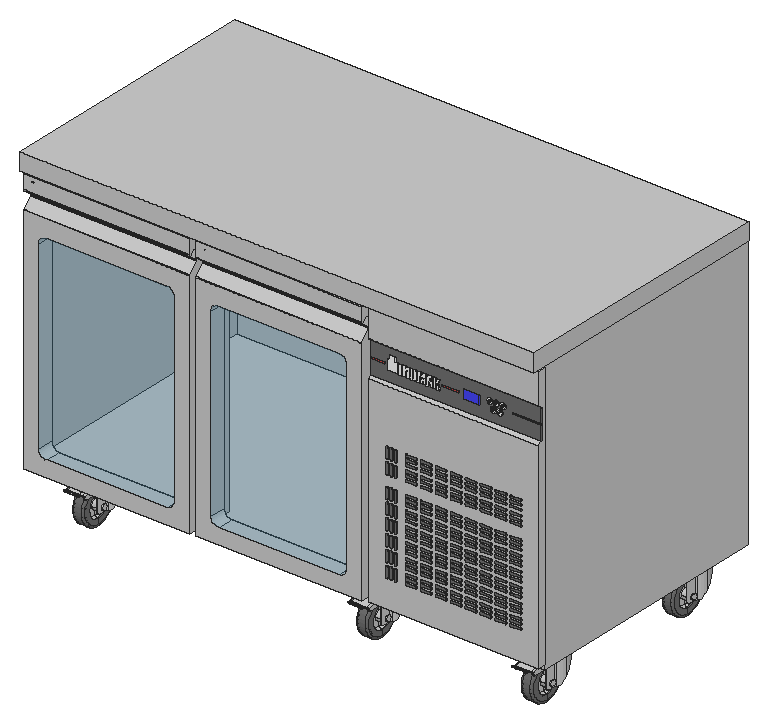
Revit family "QF_INOMAK_PNRP99_GL_250528080251", category Specialty Equipment, Revit 2021 (continued)
Definition of nested family "QF_INOMAK_PNRP99-GL_2920"
  Definition of nested family "QF_INOMAK_CONRTOL-PANEL"
    Forms (mm)
      Extrusion 1, solid
        sketch origin (-2240, -700, 0) x (-1, 0, 0) y (0, 0, 1)
          loop
            arc (-2191.4, 184.855) -> (-2194.4, 181.855) -> (-2191.4, 178.855) r 3
            line (-2191.4, 178.855) -> (-2167.4, 178.855)
            arc (-2167.4, 178.855) -> (-2164.4, 181.855) -> (-2167.4, 184.855) r 3
            line (-2167.4, 184.855) -> (-2191.4, 184.855)
          loop
            arc (-2152.4, 184.855) -> (-2155.4, 181.855) -> (-2152.4, 178.855) r 3
            line (-2152.4, 178.855) -> (-2128.4, 178.855)
            arc (-2128.4, 178.855) -> (-2125.4, 181.855) -> (-2128.4, 184.855) r 3
            line (-2128.4, 184.855) -> (-2152.4, 184.855)
          loop
            arc (-2113.4, 184.855) -> (-2116.4, 181.855) -> (-2113.4, 178.855) r 3
            line (-2113.4, 178.855) -> (-2089.4, 178.855)
            arc (-2089.4, 178.855) -> (-2086.4, 181.855) -> (-2089.4, 184.855) r 3
            line (-2089.4, 184.855) -> (-2113.4, 184.855)
          loop
            arc (-2074.4, 184.855) -> (-2077.4, 181.855) -> (-2074.4, 178.855) r 3
            line (-2074.4, 178.855) -> (-2050.4, 178.855)
            arc (-2050.4, 178.855) -> (-2047.4, 181.855) -> (-2050.4, 184.855) r 3
            line (-2050.4, 184.855) -> (-2074.4, 184.855)
          loop
            arc (-2035.4, 184.855) -> (-2038.4, 181.855) -> (-2035.4, 178.855) r 3
            line (-2035.4, 178.855) -> (-2011.4, 178.855)
            arc (-2011.4, 178.855) -> (-2008.4, 181.855) -> (-2011.4, 184.855) r 3
            line (-2011.4, 184.855) -> (-2035.4, 184.855)
          loop
            arc (-1996.4, 184.855) -> (-1999.4, 181.855) -> (-1996.4, 178.855) r 3
            line (-1996.4, 178.855) -> (-1972.4, 178.855)
            arc (-1972.4, 178.855) -> (-1969.4, 181.855) -> (-1972.4, 184.855) r 3
            line (-1972.4, 184.855) -> (-1996.4, 184.855)
          loop
            arc (-1957.4, 184.855) -> (-1960.4, 181.855) -> (-1957.4, 178.855) r 3
            line (-1957.4, 178.855) -> (-1933.4, 178.855)
            arc (-1933.4, 178.855) -> (-1930.4, 181.855) -> (-1933.4, 184.855) r 3
            line (-1933.4, 184.855) -> (-1957.4, 184.855)
          loop
            arc (-1918.4, 184.855) -> (-1921.4, 181.855) -> (-1918.4, 178.855) r 3
            line (-1918.4, 178.855) -> (-1894.4, 178.855)
            arc (-1894.4, 178.855) -> (-1891.4, 181.855) -> (-1894.4, 184.855) r 3
            line (-1894.4, 184.855) -> (-1918.4, 184.855)
          loop
            arc (-2191.4, 173.855) -> (-2194.4, 170.855) -> (-2191.4, 167.855) r 3
            line (-2191.4, 167.855) -> (-2167.4, 167.855)
            arc (-2167.4, 167.855) -> (-2164.4, 170.855) -> (-2167.4, 173.855) r 3
            line (-2167.4, 173.855) -> (-2191.4, 173.855)
          loop
            arc (-2152.4, 173.855) -> (-2155.4, 170.855) -> (-2152.4, 167.855) r 3
            line (-2152.4, 167.855) -> (-2128.4, 167.855)
            arc (-2128.4, 167.855) -> (-2125.4, 170.855) -> (-2128.4, 173.855) r 3
            line (-2128.4, 173.855) -> (-2152.4, 173.855)
          loop
            arc (-2113.4, 173.855) -> (-2116.4, 170.855) -> (-2113.4, 167.855) r 3
            line (-2113.4, 167.855) -> (-2089.4, 167.855)
            arc (-2089.4, 167.855) -> (-2086.4, 170.855) -> (-2089.4, 173.855) r 3
            line (-2089.4, 173.855) -> (-2113.4, 173.855)
          loop
            arc (-2074.4, 173.855) -> (-2077.4, 170.855) -> (-2074.4, 167.855) r 3
            line (-2074.4, 167.855) -> (-2050.4, 167.855)
            arc (-2050.4, 167.855) -> (-2047.4, 170.855) -> (-2050.4, 173.855) r 3
            line (-2050.4, 173.855) -> (-2074.4, 173.855)
          loop
            arc (-2035.4, 173.855) -> (-2038.4, 170.855) -> (-2035.4, 167.855) r 3
            line (-2035.4, 167.855) -> (-2011.4, 167.855)
            arc (-2011.4, 167.855) -> (-2008.4, 170.855) -> (-2011.4, 173.855) r 3
            line (-2011.4, 173.855) -> (-2035.4, 173.855)
          loop
            arc (-1996.4, 173.855) -> (-1999.4, 170.855) -> (-1996.4, 167.855) r 3
            line (-1996.4, 167.855) -> (-1972.4, 167.855)
            arc (-1972.4, 167.855) -> (-1969.4, 170.855) -> (-1972.4, 173.855) r 3
            line (-1972.4, 173.855) -> (-1996.4, 173.855)
          loop
            arc (-1957.4, 173.855) -> (-1960.4, 170.855) -> (-1957.4, 167.855) r 3
            line (-1957.4, 167.855) -> (-1933.4, 167.855)
            arc (-1933.4, 167.855) -> (-1930.4, 170.855) -> (-1933.4, 173.855) r 3
            line (-1933.4, 173.855) -> (-1957.4, 173.855)
          loop
            arc (-1918.4, 173.855) -> (-1921.4, 170.855) -> (-1918.4, 167.855) r 3
            line (-1918.4, 167.855) -> (-1894.4, 167.855)
            arc (-1894.4, 167.855) -> (-1891.4, 170.855) -> (-1894.4, 173.855) r 3
            line (-1894.4, 173.855) -> (-1918.4, 173.855)
          loop
            arc (-2191.4, 162.855) -> (-2194.4, 159.855) -> (-2191.4, 156.855) r 3
            line (-2191.4, 156.855) -> (-2167.4, 156.855)
            arc (-2167.4, 156.855) -> (-2164.4, 159.855) -> (-2167.4, 162.855) r 3
            line (-2167.4, 162.855) -> (-2191.4, 162.855)
          loop
            arc (-2152.4, 162.855) -> (-2155.4, 159.855) -> (-2152.4, 156.855) r 3
            line (-2152.4, 156.855) -> (-2128.4, 156.855)
            arc (-2128.4, 156.855) -> (-2125.4, 159.855) -> (-2128.4, 162.855) r 3
            line (-2128.4, 162.855) -> (-2152.4, 162.855)
          loop
            arc (-2113.4, 162.855) -> (-2116.4, 159.855) -> (-2113.4, 156.855) r 3
            line (-2113.4, 156.855) -> (-2089.4, 156.855)
            arc (-2089.4, 156.855) -> (-2086.4, 159.855) -> (-2089.4, 162.855) r 3
            line (-2089.4, 162.855) -> (-2113.4, 162.855)
          loop
            arc (-2074.4, 162.855) -> (-2077.4, 159.855) -> (-2074.4, 156.855) r 3
            line (-2074.4, 156.855) -> (-2050.4, 156.855)
            arc (-2050.4, 156.855) -> (-2047.4, 159.855) -> (-2050.4, 162.855) r 3
            line (-2050.4, 162.855) -> (-2074.4, 162.855)
          loop
            arc (-2035.4, 162.855) -> (-2038.4, 159.855) -> (-2035.4, 156.855) r 3
            line (-2035.4, 156.855) -> (-2011.4, 156.855)
            arc (-2011.4, 156.855) -> (-2008.4, 159.855) -> (-2011.4, 162.855) r 3
            line (-2011.4, 162.855) -> (-2035.4, 162.855)
          loop
            arc (-1996.4, 162.855) -> (-1999.4, 159.855) -> (-1996.4, 156.855) r 3
            line (-1996.4, 156.855) -> (-1972.4, 156.855)
            arc (-1972.4, 156.855) -> (-1969.4, 159.855) -> (-1972.4, 162.855) r 3
            line (-1972.4, 162.855) -> (-1996.4, 162.855)
          loop
            arc (-1957.4, 162.855) -> (-1960.4, 159.855) -> (-1957.4, 156.855) r 3
            line (-1957.4, 156.855) -> (-1933.4, 156.855)
            arc (-1933.4, 156.855) -> (-1930.4, 159.855) -> (-1933.4, 162.855) r 3
            line (-1933.4, 162.855) -> (-1957.4, 162.855)
          loop
            arc (-1918.4, 162.855) -> (-1921.4, 159.855) -> (-1918.4, 156.855) r 3
            line (-1918.4, 156.855) -> (-1894.4, 156.855)
            arc (-1894.4, 156.855) -> (-1891.4, 159.855) -> (-1894.4, 162.855) r 3
            line (-1894.4, 162.855) -> (-1918.4, 162.855)
          loop
            arc (-2191.4, 147.855) -> (-2194.4, 144.855) -> (-2191.4, 141.855) r 3
            line (-2191.4, 141.855) -> (-2167.4, 141.855)
            arc (-2167.4, 141.855) -> (-2164.4, 144.855) -> (-2167.4, 147.855) r 3
            line (-2167.4, 147.855) -> (-2191.4, 147.855)
          loop
            arc (-2152.4, 147.855) -> (-2155.4, 144.855) -> (-2152.4, 141.855) r 3
            line (-2152.4, 141.855) -> (-2128.4, 141.855)
            arc (-2128.4, 141.855) -> (-2125.4, 144.855) -> (-2128.4, 147.855) r 3
            line (-2128.4, 147.855) -> (-2152.4, 147.855)
          loop
            arc (-2113.4, 147.855) -> (-2116.4, 144.855) -> (-2113.4, 141.855) r 3
            line (-2113.4, 141.855) -> (-2089.4, 141.855)
            arc (-2089.4, 141.855) -> (-2086.4, 144.855) -> (-2089.4, 147.855) r 3
            line (-2089.4, 147.855) -> (-2113.4, 147.855)
          loop
            arc (-2074.4, 147.855) -> (-2077.4, 144.855) -> (-2074.4, 141.855) r 3
            line (-2074.4, 141.855) -> (-2050.4, 141.855)
            arc (-2050.4, 141.855) -> (-2047.4, 144.855) -> (-2050.4, 147.855) r 3
            line (-2050.4, 147.855) -> (-2074.4, 147.855)
          loop
            arc (-2035.4, 147.855) -> (-2038.4, 144.855) -> (-2035.4, 141.855) r 3
            line (-2035.4, 141.855) -> (-2011.4, 141.855)
            arc (-2011.4, 141.855) -> (-2008.4, 144.855) -> (-2011.4, 147.855) r 3
            line (-2011.4, 147.855) -> (-2035.4, 147.855)
          loop
            arc (-1996.4, 147.855) -> (-1999.4, 144.855) -> (-1996.4, 141.855) r 3
            line (-1996.4, 141.855) -> (-1972.4, 141.855)
            arc (-1972.4, 141.855) -> (-1969.4, 144.855) -> (-1972.4, 147.855) r 3
            line (-1972.4, 147.855) -> (-1996.4, 147.855)
          loop
            arc (-1957.4, 147.855) -> (-1960.4, 144.855) -> (-1957.4, 141.855) r 3
            line (-1957.4, 141.855) -> (-1933.4, 141.855)
            arc (-1933.4, 141.855) -> (-1930.4, 144.855) -> (-1933.4, 147.855) r 3
            line (-1933.4, 147.855) -> (-1957.4, 147.855)
          loop
            arc (-1918.4, 147.855) -> (-1921.4, 144.855) -> (-1918.4, 141.855) r 3
            line (-1918.4, 141.855) -> (-1894.4, 141.855)
            arc (-1894.4, 141.855) -> (-1891.4, 144.855) -> (-1894.4, 147.855) r 3
            line (-1894.4, 147.855) -> (-1918.4, 147.855)
          loop
            arc (-2191.4, 136.855) -> (-2194.4, 133.855) -> (-2191.4, 130.855) r 3
            line (-2191.4, 130.855) -> (-2167.4, 130.855)
            arc (-2167.4, 130.855) -> (-2164.4, 133.855) -> (-2167.4, 136.855) r 3
            line (-2167.4, 136.855) -> (-2191.4, 136.855)
          loop
            arc (-2152.4, 136.855) -> (-2155.4, 133.855) -> (-2152.4, 130.855) r 3
            line (-2152.4, 130.855) -> (-2128.4, 130.855)
            arc (-2128.4, 130.855) -> (-2125.4, 133.855) -> (-2128.4, 136.855) r 3
            line (-2128.4, 136.855) -> (-2152.4, 136.855)
          loop
            arc (-2113.4, 136.855) -> (-2116.4, 133.855) -> (-2113.4, 130.855) r 3
            line (-2113.4, 130.855) -> (-2089.4, 130.855)
            arc (-2089.4, 130.855) -> (-2086.4, 133.855) -> (-2089.4, 136.855) r 3
            line (-2089.4, 136.855) -> (-2113.4, 136.855)
          loop
            arc (-2074.4, 136.855) -> (-2077.4, 133.855) -> (-2074.4, 130.855) r 3
            line (-2074.4, 130.855) -> (-2050.4, 130.855)
            arc (-2050.4, 130.855) -> (-2047.4, 133.855) -> (-2050.4, 136.855) r 3
            line (-2050.4, 136.855) -> (-2074.4, 136.855)
          loop
            arc (-2035.4, 136.855) -> (-2038.4, 133.855) -> (-2035.4, 130.855) r 3
            line (-2035.4, 130.855) -> (-2011.4, 130.855)
            arc (-2011.4, 130.855) -> (-2008.4, 133.855) -> (-2011.4, 136.855) r 3
            line (-2011.4, 136.855) -> (-2035.4, 136.855)
          loop
            arc (-1996.4, 136.855) -> (-1999.4, 133.855) -> (-1996.4, 130.855) r 3
            line (-1996.4, 130.855) -> (-1972.4, 130.855)
            arc (-1972.4, 130.855) -> (-1969.4, 133.855) -> (-1972.4, 136.855) r 3
            line (-1972.4, 136.855) -> (-1996.4, 136.855)
          loop
            arc (-1957.4, 136.855) -> (-1960.4, 133.855) -> (-1957.4, 130.855) r 3
            line (-1957.4, 130.855) -> (-1933.4, 130.855)
            arc (-1933.4, 130.855) -> (-1930.4, 133.855) -> (-1933.4, 136.855) r 3
            line (-1933.4, 136.855) -> (-1957.4, 136.855)
          loop
            arc (-1918.4, 136.855) -> (-1921.4, 133.855) -> (-1918.4, 130.855) r 3
            line (-1918.4, 130.855) -> (-1894.4, 130.855)
            arc (-1894.4, 130.855) -> (-1891.4, 133.855) -> (-1894.4, 136.855) r 3
            line (-1894.4, 136.855) -> (-1918.4, 136.855)
          loop
            arc (-2191.4, 125.855) -> (-2194.4, 122.855) -> (-2191.4, 119.855) r 3
            line (-2191.4, 119.855) -> (-2167.4, 119.855)
            arc (-2167.4, 119.855) -> (-2164.4, 122.855) -> (-2167.4, 125.855) r 3
            line (-2167.4, 125.855) -> (-2191.4, 125.855)
          loop
            arc (-2152.4, 125.855) -> (-2155.4, 122.855) -> (-2152.4, 119.855) r 3
            line (-2152.4, 119.855) -> (-2128.4, 119.855)
            arc (-2128.4, 119.855) -> (-2125.4, 122.855) -> (-2128.4, 125.855) r 3
            line (-2128.4, 125.855) -> (-2152.4, 125.855)
          loop
            arc (-2113.4, 125.855) -> (-2116.4, 122.855) -> (-2113.4, 119.855) r 3
            line (-2113.4, 119.855) -> (-2089.4, 119.855)
            arc (-2089.4, 119.855) -> (-2086.4, 122.855) -> (-2089.4, 125.855) r 3
            line (-2089.4, 125.855) -> (-2113.4, 125.855)
          loop
            arc (-2074.4, 125.855) -> (-2077.4, 122.855) -> (-2074.4, 119.855) r 3
            line (-2074.4, 119.855) -> (-2050.4, 119.855)
            arc (-2050.4, 119.855) -> (-2047.4, 122.855) -> (-2050.4, 125.855) r 3
            line (-2050.4, 125.855) -> (-2074.4, 125.855)
          loop
            arc (-2035.4, 125.855) -> (-2038.4, 122.855) -> (-2035.4, 119.855) r 3
            line (-2035.4, 119.855) -> (-2011.4, 119.855)
            arc (-2011.4, 119.855) -> (-2008.4, 122.855) -> (-2011.4, 125.855) r 3
            line (-2011.4, 125.855) -> (-2035.4, 125.855)
          loop
            arc (-1996.4, 125.855) -> (-1999.4, 122.855) -> (-1996.4, 119.855) r 3
            line (-1996.4, 119.855) -> (-1972.4, 119.855)
            arc (-1972.4, 119.855) -> (-1969.4, 122.855) -> (-1972.4, 125.855) r 3
            line (-1972.4, 125.855) -> (-1996.4, 125.855)
          loop
            arc (-1957.4, 125.855) -> (-1960.4, 122.855) -> (-1957.4, 119.855) r 3
            line (-1957.4, 119.855) -> (-1933.4, 119.855)
            arc (-1933.4, 119.855) -> (-1930.4, 122.855) -> (-1933.4, 125.855) r 3
            line (-1933.4, 125.855) -> (-1957.4, 125.855)
          loop
            arc (-1918.4, 125.855) -> (-1921.4, 122.855) -> (-1918.4, 119.855) r 3
            line (-1918.4, 119.855) -> (-1894.4, 119.855)
            arc (-1894.4, 119.855) -> (-1891.4, 122.855) -> (-1894.4, 125.855) r 3
            line (-1894.4, 125.855) -> (-1918.4, 125.855)
          loop
            arc (-2191.4, 110.855) -> (-2194.4, 107.855) -> (-2191.4, 104.855) r 3
            line (-2191.4, 104.855) -> (-2167.4, 104.855)
            arc (-2167.4, 104.855) -> (-2164.4, 107.855) -> (-2167.4, 110.855) r 3
            line (-2167.4, 110.855) -> (-2191.4, 110.855)
          loop
            arc (-2152.4, 110.855) -> (-2155.4, 107.855) -> (-2152.4, 104.855) r 3
            line (-2152.4, 104.855) -> (-2128.4, 104.855)
            arc (-2128.4, 104.855) -> (-2125.4, 107.855) -> (-2128.4, 110.855) r 3
            line (-2128.4, 110.855) -> (-2152.4, 110.855)
          loop
            arc (-2113.4, 110.855) -> (-2116.4, 107.855) -> (-2113.4, 104.855) r 3
            line (-2113.4, 104.855) -> (-2089.4, 104.855)
            arc (-2089.4, 104.855) -> (-2086.4, 107.855) -> (-2089.4, 110.855) r 3
            line (-2089.4, 110.855) -> (-2113.4, 110.855)
          loop
            arc (-2074.4, 110.855) -> (-2077.4, 107.855) -> (-2074.4, 104.855) r 3
            line (-2074.4, 104.855) -> (-2050.4, 104.855)
            arc (-2050.4, 104.855) -> (-2047.4, 107.855) -> (-2050.4, 110.855) r 3
            line (-2050.4, 110.855) -> (-2074.4, 110.855)
          loop
            arc (-2035.4, 110.855) -> (-2038.4, 107.855) -> (-2035.4, 104.855) r 3
            line (-2035.4, 104.855) -> (-2011.4, 104.855)
            arc (-2011.4, 104.855) -> (-2008.4, 107.855) -> (-2011.4, 110.855) r 3
            line (-2011.4, 110.855) -> (-2035.4, 110.855)
          loop
            arc (-1996.4, 110.855) -> (-1999.4, 107.855) -> (-1996.4, 104.855) r 3
            line (-1996.4, 104.855) -> (-1972.4, 104.855)
            arc (-1972.4, 104.855) -> (-1969.4, 107.855) -> (-1972.4, 110.855) r 3
            line (-1972.4, 110.855) -> (-1996.4, 110.855)
          loop
            arc (-1957.4, 110.855) -> (-1960.4, 107.855) -> (-1957.4, 104.855) r 3
            line (-1957.4, 104.855) -> (-1933.4, 104.855)
            arc (-1933.4, 104.855) -> (-1930.4, 107.855) -> (-1933.4, 110.855) r 3
            line (-1933.4, 110.855) -> (-1957.4, 110.855)
          loop
            arc (-1918.4, 110.855) -> (-1921.4, 107.855) -> (-1918.4, 104.855) r 3
            line (-1918.4, 104.855) -> (-1894.4, 104.855)
            arc (-1894.4, 104.855) -> (-1891.4, 107.855) -> (-1894.4, 110.855) r 3
            line (-1894.4, 110.855) -> (-1918.4, 110.855)
          loop
            arc (-2191.4, 99.855) -> (-2194.4, 96.855) -> (-2191.4, 93.855) r 3
            line (-2191.4, 93.855) -> (-2167.4, 93.855)
            arc (-2167.4, 93.855) -> (-2164.4, 96.855) -> (-2167.4, 99.855) r 3
            line (-2167.4, 99.855) -> (-2191.4, 99.855)
          loop
            arc (-2152.4, 99.855) -> (-2155.4, 96.855) -> (-2152.4, 93.855) r 3
            line (-2152.4, 93.855) -> (-2128.4, 93.855)
            arc (-2128.4, 93.855) -> (-2125.4, 96.855) -> (-2128.4, 99.855) r 3
            line (-2128.4, 99.855) -> (-2152.4, 99.855)
          loop
            arc (-2113.4, 99.855) -> (-2116.4, 96.855) -> (-2113.4, 93.855) r 3
            line (-2113.4, 93.855) -> (-2089.4, 93.855)
            arc (-2089.4, 93.855) -> (-2086.4, 96.855) -> (-2089.4, 99.855) r 3
            line (-2089.4, 99.855) -> (-2113.4, 99.855)
          loop
            arc (-2074.4, 99.855) -> (-2077.4, 96.855) -> (-2074.4, 93.855) r 3
            line (-2074.4, 93.855) -> (-2050.4, 93.855)
            arc (-2050.4, 93.855) -> (-2047.4, 96.855) -> (-2050.4, 99.855) r 3
            line (-2050.4, 99.855) -> (-2074.4, 99.855)
          loop
            arc (-2035.4, 99.855) -> (-2038.4, 96.855) -> (-2035.4, 93.855) r 3
            line (-2035.4, 93.855) -> (-2011.4, 93.855)
            arc (-2011.4, 93.855) -> (-2008.4, 96.855) -> (-2011.4, 99.855) r 3
            line (-2011.4, 99.855) -> (-2035.4, 99.855)
          loop
            arc (-1996.4, 99.855) -> (-1999.4, 96.855) -> (-1996.4, 93.855) r 3
            line (-1996.4, 93.855) -> (-1972.4, 93.855)
            arc (-1972.4, 93.855) -> (-1969.4, 96.855) -> (-1972.4, 99.855) r 3
            line (-1972.4, 99.855) -> (-1996.4, 99.855)
          loop
            arc (-1957.4, 99.855) -> (-1960.4, 96.855) -> (-1957.4, 93.855) r 3
            line (-1957.4, 93.855) -> (-1933.4, 93.855)
            arc (-1933.4, 93.855) -> (-1930.4, 96.855) -> (-1933.4, 99.855) r 3
            line (-1933.4, 99.855) -> (-1957.4, 99.855)
          loop
            arc (-1918.4, 99.855) -> (-1921.4, 96.855) -> (-1918.4, 93.855) r 3
            line (-1918.4, 93.855) -> (-1894.4, 93.855)
            arc (-1894.4, 93.855) -> (-1891.4, 96.855) -> (-1894.4, 99.855) r 3
            line (-1894.4, 99.855) -> (-1918.4, 99.855)
          loop
            arc (-2191.4, 88.855) -> (-2194.4, 85.855) -> (-2191.4, 82.855) r 3
            line (-2191.4, 82.855) -> (-2167.4, 82.855)
            arc (-2167.4, 82.855) -> (-2164.4, 85.855) -> (-2167.4, 88.855) r 3
            line (-2167.4, 88.855) -> (-2191.4, 88.855)
          loop
            arc (-2152.4, 88.855) -> (-2155.4, 85.855) -> (-2152.4, 82.855) r 3
            line (-2152.4, 82.855) -> (-2128.4, 82.855)
            arc (-2128.4, 82.855) -> (-2125.4, 85.855) -> (-2128.4, 88.855) r 3
            line (-2128.4, 88.855) -> (-2152.4, 88.855)
          loop
            arc (-2113.4, 88.855) -> (-2116.4, 85.855) -> (-2113.4, 82.855) r 3
            line (-2113.4, 82.855) -> (-2089.4, 82.855)
            arc (-2089.4, 82.855) -> (-2086.4, 85.855) -> (-2089.4, 88.855) r 3
            line (-2089.4, 88.855) -> (-2113.4, 88.855)
          loop
            arc (-2074.4, 88.855) -> (-2077.4, 85.855) -> (-2074.4, 82.855) r 3
            line (-2074.4, 82.855) -> (-2050.4, 82.855)
            arc (-2050.4, 82.855) -> (-2047.4, 85.855) -> (-2050.4, 88.855) r 3
            line (-2050.4, 88.855) -> (-2074.4, 88.855)
          loop
            arc (-2035.4, 88.855) -> (-2038.4, 85.855) -> (-2035.4, 82.855) r 3
            line (-2035.4, 82.855) -> (-2011.4, 82.855)
            arc (-2011.4, 82.855) -> (-2008.4, 85.855) -> (-2011.4, 88.855) r 3
            line (-2011.4, 88.855) -> (-2035.4, 88.855)
          loop
            arc (-1996.4, 88.855) -> (-1999.4, 85.855) -> (-1996.4, 82.855) r 3
            line (-1996.4, 82.855) -> (-1972.4, 82.855)
            arc (-1972.4, 82.855) -> (-1969.4, 85.855) -> (-1972.4, 88.855) r 3
            line (-1972.4, 88.855) -> (-1996.4, 88.855)
          loop
            arc (-1957.4, 88.855) -> (-1960.4, 85.855) -> (-1957.4, 82.855) r 3
            line (-1957.4, 82.855) -> (-1933.4, 82.855)
            arc (-1933.4, 82.855) -> (-1930.4, 85.855) -> (-1933.4, 88.855) r 3
            line (-1933.4, 88.855) -> (-1957.4, 88.855)
          loop
            arc (-1918.4, 88.855) -> (-1921.4, 85.855) -> (-1918.4, 82.855) r 3
            line (-1918.4, 82.855) -> (-1894.4, 82.855)
            arc (-1894.4, 82.855) -> (-1891.4, 85.855) -> (-1894.4, 88.855) r 3
            line (-1894.4, 88.855) -> (-1918.4, 88.855)
          loop
            arc (-1840.4, 387.855) -> (-1843.4, 390.855) -> (-1846.4, 387.855) r 3
            line (-1846.4, 387.855) -> (-1846.4, 363.855)
            arc (-1846.4, 363.855) -> (-1843.4, 360.855) -> (-1840.4, 363.855) r 3
            line (-1840.4, 363.855) -> (-1840.4, 387.855)
          loop
            arc (-1851.4, 387.855) -> (-1854.4, 390.855) -> (-1857.4, 387.855) r 3
            line (-1857.4, 387.855) -> (-1857.4, 363.855)
            arc (-1857.4, 363.855) -> (-1854.4, 360.855) -> (-1851.4, 363.855) r 3
            line (-1851.4, 363.855) -> (-1851.4, 387.855)
          loop
            arc (-1862.4, 387.855) -> (-1865.4, 390.855) -> (-1868.4, 387.855) r 3
            line (-1868.4, 387.855) -> (-1868.4, 363.855)
            arc (-1868.4, 363.855) -> (-1865.4, 360.855) -> (-1862.4, 363.855) r 3
            line (-1862.4, 363.855) -> (-1862.4, 387.855)
          loop
            arc (-1840.4, 350.855) -> (-1843.4, 353.855) -> (-1846.4, 350.855) r 3
            line (-1846.4, 350.855) -> (-1846.4, 326.855)
            arc (-1846.4, 326.855) -> (-1843.4, 323.855) -> (-1840.4, 326.855) r 3
            line (-1840.4, 326.855) -> (-1840.4, 350.855)
          loop
            arc (-1851.4, 350.855) -> (-1854.4, 353.855) -> (-1857.4, 350.855) r 3
            line (-1857.4, 350.855) -> (-1857.4, 326.855)
            arc (-1857.4, 326.855) -> (-1854.4, 323.855) -> (-1851.4, 326.855) r 3
            line (-1851.4, 326.855) -> (-1851.4, 350.855)
          loop
            arc (-1862.4, 350.855) -> (-1865.4, 353.855) -> (-1868.4, 350.855) r 3
            line (-1868.4, 350.855) -> (-1868.4, 326.855)
            arc (-1868.4, 326.855) -> (-1865.4, 323.855) -> (-1862.4, 326.855) r 3
            line (-1862.4, 326.855) -> (-1862.4, 350.855)
          loop
            arc (-1840.4, 293.855) -> (-1843.4, 296.855) -> (-1846.4, 293.855) r 3
            line (-1846.4, 293.855) -> (-1846.4, 269.855)
            arc (-1846.4, 269.855) -> (-1843.4, 266.855) -> (-1840.4, 269.855) r 3
            line (-1840.4, 269.855) -> (-1840.4, 293.855)
          loop
            arc (-1851.4, 293.855) -> (-1854.4, 296.855) -> (-1857.4, 293.855) r 3
            line (-1857.4, 293.855) -> (-1857.4, 269.855)
            arc (-1857.4, 269.855) -> (-1854.4, 266.855) -> (-1851.4, 269.855) r 3
            line (-1851.4, 269.855) -> (-1851.4, 293.855)
          loop
            arc (-1862.4, 293.855) -> (-1865.4, 296.855) -> (-1868.4, 293.855) r 3
            line (-1868.4, 293.855) -> (-1868.4, 269.855)
            arc (-1868.4, 269.855) -> (-1865.4, 266.855) -> (-1862.4, 269.855) r 3
            line (-1862.4, 269.855) -> (-1862.4, 293.855)
          loop
            arc (-1840.4, 256.855) -> (-1843.4, 259.855) -> (-1846.4, 256.855) r 3
            line (-1846.4, 256.855) -> (-1846.4, 232.855)
            arc (-1846.4, 232.855) -> (-1843.4, 229.855) -> (-1840.4, 232.855) r 3
            line (-1840.4, 232.855) -> (-1840.4, 256.855)
          loop
            arc (-1851.4, 256.855) -> (-1854.4, 259.855) -> (-1857.4, 256.855) r 3
            line (-1857.4, 256.855) -> (-1857.4, 232.855)
            arc (-1857.4, 232.855) -> (-1854.4, 229.855) -> (-1851.4, 232.855) r 3
            line (-1851.4, 232.855) -> (-1851.4, 256.855)
          loop
            arc (-1862.4, 256.855) -> (-1865.4, 259.855) -> (-1868.4, 256.855) r 3
            line (-1868.4, 256.855) -> (-1868.4, 232.855)
            arc (-1868.4, 232.855) -> (-1865.4, 229.855) -> (-1862.4, 232.855) r 3
            line (-1862.4, 232.855) -> (-1862.4, 256.855)
          loop
            arc (-1840.4, 219.855) -> (-1843.4, 222.855) -> (-1846.4, 219.855) r 3
            line (-1846.4, 219.855) -> (-1846.4, 195.855)
            arc (-1846.4, 195.855) -> (-1843.4, 192.855) -> (-1840.4, 195.855) r 3
            line (-1840.4, 195.855) -> (-1840.4, 219.855)
          loop
            arc (-1851.4, 219.855) -> (-1854.4, 222.855) -> (-1857.4, 219.855) r 3
            line (-1857.4, 219.855) -> (-1857.4, 195.855)
            arc (-1857.4, 195.855) -> (-1854.4, 192.855) -> (-1851.4, 195.855) r 3
            line (-1851.4, 195.855) -> (-1851.4, 219.855)
          loop
            arc (-1862.4, 219.855) -> (-1865.4, 222.855) -> (-1868.4, 219.855) r 3
            line (-1868.4, 219.855) -> (-1868.4, 195.855)
            arc (-1868.4, 195.855) -> (-1865.4, 192.855) -> (-1862.4, 195.855) r 3
            line (-1862.4, 195.855) -> (-1862.4, 219.855)
          loop
            arc (-1840.4, 182.855) -> (-1843.4, 185.855) -> (-1846.4, 182.855) r 3
            line (-1846.4, 182.855) -> (-1846.4, 158.855)
            arc (-1846.4, 158.855) -> (-1843.4, 155.855) -> (-1840.4, 158.855) r 3
            line (-1840.4, 158.855) -> (-1840.4, 182.855)
          loop
            arc (-1851.4, 182.855) -> (-1854.4, 185.855) -> (-1857.4, 182.855) r 3
            line (-1857.4, 182.855) -> (-1857.4, 158.855)
            arc (-1857.4, 158.855) -> (-1854.4, 155.855) -> (-1851.4, 158.855) r 3
            line (-1851.4, 158.855) -> (-1851.4, 182.855)
          loop
            arc (-1862.4, 182.855) -> (-1865.4, 185.855) -> (-1868.4, 182.855) r 3
            line (-1868.4, 182.855) -> (-1868.4, 158.855)
            arc (-1868.4, 158.855) -> (-1865.4, 155.855) -> (-1862.4, 158.855) r 3
            line (-1862.4, 158.855) -> (-1862.4, 182.855)
          loop
            arc (-1840.4, 145.855) -> (-1843.4, 148.855) -> (-1846.4, 145.855) r 3
            line (-1846.4, 145.855) -> (-1846.4, 121.855)
            arc (-1846.4, 121.855) -> (-1843.4, 118.855) -> (-1840.4, 121.855) r 3
            line (-1840.4, 121.855) -> (-1840.4, 145.855)
          loop
            arc (-1851.4, 145.855) -> (-1854.4, 148.855) -> (-1857.4, 145.855) r 3
            line (-1857.4, 145.855) -> (-1857.4, 121.855)
            arc (-1857.4, 121.855) -> (-1854.4, 118.855) -> (-1851.4, 121.855) r 3
            line (-1851.4, 121.855) -> (-1851.4, 145.855)
          loop
            arc (-1862.4, 145.855) -> (-1865.4, 148.855) -> (-1868.4, 145.855) r 3
            line (-1868.4, 145.855) -> (-1868.4, 121.855)
            arc (-1868.4, 121.855) -> (-1865.4, 118.855) -> (-1862.4, 121.855) r 3
            line (-1862.4, 121.855) -> (-1862.4, 145.855)
          loop
            arc (-1840.4, 108.855) -> (-1843.4, 111.855) -> (-1846.4, 108.855) r 3
            line (-1846.4, 108.855) -> (-1846.4, 84.855)
            arc (-1846.4, 84.855) -> (-1843.4, 81.855) -> (-1840.4, 84.855) r 3
            line (-1840.4, 84.855) -> (-1840.4, 108.855)
          loop
            arc (-1851.4, 108.855) -> (-1854.4, 111.855) -> (-1857.4, 108.855) r 3
            line (-1857.4, 108.855) -> (-1857.4, 84.855)
            arc (-1857.4, 84.855) -> (-1854.4, 81.855) -> (-1851.4, 84.855) r 3
            line (-1851.4, 84.855) -> (-1851.4, 108.855)
          loop
            arc (-1862.4, 108.855) -> (-1865.4, 111.855) -> (-1868.4, 108.855) r 3
            line (-1868.4, 108.855) -> (-1868.4, 84.855)
            arc (-1868.4, 84.855) -> (-1865.4, 81.855) -> (-1862.4, 84.855) r 3
            line (-1862.4, 84.855) -> (-1862.4, 108.855)
        from 16.5 to 19
    Dimensions and locks
      "Length": plane 3 "Left" to plane 4 "Right"
      "Depth": plane 5 "Front" to plane 1 "Back"
      "Front offset": plane 7 "Front offset" to plane 5 "Front"
      "Height": plane 6 "Top" to plane 2
      aligned and locked: level to plane 2
    Automatic sketch dimensions
      plane 4 "Right" to Extrusion 1 sketch curve = 48.6 mm  (x3)
      Extrusion 1 sketch curve to Extrusion 1 sketch curve = 0 mm  (x322)
      Extrusion 1 sketch curve to Extrusion 1 sketch curve = 24 mm  (x53)
      Extrusion 1 sketch curve to Extrusion 1 sketch curve = 15 mm  (x52)
      Extrusion 1 sketch curve to Extrusion 1 sketch curve = 26 mm  (x7)
      Extrusion 1 sketch curve to Extrusion 1 sketch curve = 3 mm  (x216)
      Extrusion 1 sketch curve to Extrusion 1 sketch curve = 5 mm  (x144)
      level to Extrusion 1 sketch curve = 82.855 mm  (x2)
      Extrusion 1 sketch curve to Extrusion 1 sketch curve = 2 mm
      Extrusion 1 sketch curve to Extrusion 1 sketch curve = 9 mm  (x48)
      Extrusion 1 sketch curve to Extrusion 1 sketch curve = 13 mm  (x9)
      Extrusion 1 sketch curve to Extrusion 1 sketch curve = 29 mm  (x6)
      Extrusion 1 sketch curve to Extrusion 1 sketch curve = 33 mm
Definition of nested family "QF_INOMAK_REF_COUNTERS_CASTORS_7160"
  Parameters (values of type "CT-2240-600")
    Weight [instance] = 0.00 kg
    Warranty Start Date [instance] = ""
    Warranty Duration [instance] = ""
    URL Cutsheet [instance] = ""
    URL = "www.inomak.com"
    Technical Documentation [instance] = ""
    Tag Number [instance] = ""
    Status [instance] = ""
    Specification by User [instance] = ""
    Specification by Manufacturer [instance] = ""
    Sound Level [instance] = ""
    Solid Fuel Type [instance] = ""
    Show Logo [instance] = yes
    Show Clearances [instance] = yes
    Service Life Duration [instance] = ""
    Serial Number [instance] = ""
    Seismic Rating [instance] = ""
    SMACNA No [instance] = ""
    Right offset = 70 mm
    Revision Code [instance] = ""
    Revision [instance] = ""
    Rear offset = 90 mm
    Production Year [instance] = ""
    Point Load [instance] = 0
    Other Equipment Approvals [instance] = ""
    NAFEM Spec ID Number [instance] = ""
    Model Warning [instance] = ""
    Model = "CT"
    Masterspec [instance] = ""
    Manufacturer = "INOMAK"
    Length Actual [instance] = 0 mm
    Length = 2242 mm
    Left offset = 100 mm
    Item Number [instance] = ""
    Installed By [instance] = ""
    Installation Date [instance] = ""
    Identify Quantity as Lot [instance] = yes
    ID [instance] = ""
    Hygiene Approval [instance] = ""
    Height Actual [instance] = 0 mm
    Height = 130 mm
    Furnished By [instance] = ""
    Front offset = 150 mm
    Foodservice Equipment Identifier [instance] = yes
    ETL Approved [instance] = yes
    Description = "WHEELS"
    Depth Actual [instance] = 0 mm
    Depth = 600 mm
    Default Elevation = 0 mm
    CentralLegs = if(Length > 2000 mm, 2 > 1, 2 < 1)  # yes
    CSI MasterFormat [instance] = ""
    CE Approved [instance] = yes
    Barcode [instance] = ""
    Author [instance] = ""
    Asset Identifier [instance] = ""
    Assembly Code = "E1090320"
    Accessory [instance] = yes
  Types (6, lengths in mm): name | Length | Depth | CentralLegs
    CT-2240-700 | 2242 | 700 | yes
    CT-1790-700 | 1792 | 700 | no
    CT-1345-700 | 1342 | 700 | no
    CT-1345-600 | 1342 | 600 | no
    CT-1790-600 | 1792 | 600 | no
    CT-2240-600 | 2242 | 600 | yes
  Reference planes
    plane 1 "Back": y = 0
    plane 2: z = 0
    plane 3 "Left": x = 0
    plane 4 "Right": x = 2242
    plane 5 "Front": y = -600
    plane 6 "Top": z = 130
    plane 7 "Left offset": x = 100
    plane 8 "Right offset": x = 2172
    plane 9 "Rear offset": y = -90
    plane 10 "Front offset": y = -450
    plane 11 "Central": x = 921
    plane 12: x = 1742
  Dimensions and locks
    "Length": plane 3 "Left" to plane 4 "Right"
    "Depth": plane 5 "Front" to plane 1 "Back"
    "Left offset": plane 3 "Left" to plane 7 "Left offset"
    "Right offset": plane 8 "Right offset" to plane 4 "Right"
    "Rear offset": plane 9 "Rear offset" to plane 1 "Back"
    "Front offset": plane 10 "Front offset" to plane 5 "Front"
    equal spacing: plane 7 "Left offset", plane 11 "Central", plane 12
    locked: plane 12 to plane 8 "Right offset" at 430
    plane 6 "Top" to level = 130 mm
    aligned and locked: level to plane 2
    aligned and locked: nested 1 to plane 7 "Left offset"
    aligned and locked: nested 1 to plane 10 "Front offset"
    aligned and locked: nested 2 to plane 11 "Central"
    aligned and locked: nested 2 to plane 10 "Front offset"
    aligned and locked: nested 3 to plane 12
    aligned and locked: nested 3 to plane 10 "Front offset"
    aligned and locked: nested 4 to plane 8 "Right offset"
    aligned and locked: nested 4 to plane 10 "Front offset"
    aligned and locked: nested 5 to plane 7 "Left offset"
    aligned and locked: nested 5 to plane 9 "Rear offset"
    aligned and locked: nested 6 to plane 12
    aligned and locked: nested 6 to plane 9 "Rear offset"
    aligned and locked: nested 7 to plane 8 "Right offset"
    aligned and locked: nested 7 to plane 9 "Rear offset"
  Nested families
    nested 1: "QF_INOMAK_CASTOR_BRAKES" at (100, -450, 0), type "QF_INOMAK_CASTOR_BRAKES"
    nested 2: "QF_INOMAK_CASTOR_BRAKES" at (921, -450, 0), visible <- "CentralLegs", type "QF_INOMAK_CASTOR_BRAKES"
    nested 3: "QF_INOMAK_CASTOR_BRAKES" at (1742, -450, 0), type "QF_INOMAK_CASTOR_BRAKES"
    nested 4: "QF_INOMAK_CASTOR_BRAKES" at (2172, -450, 0), type "QF_INOMAK_CASTOR_BRAKES"
    nested 5: "QF_INOMAK_CASTOR" at (100, -90, 0), type "QF_INOMAK_CASTOR"
    nested 6: "QF_INOMAK_CASTOR" at (1742, -90, 0), type "QF_INOMAK_CASTOR"
    nested 7: "QF_INOMAK_CASTOR" at (2172, -90, 0), type "QF_INOMAK_CASTOR"
  Definition of nested family "QF_INOMAK_CASTOR_BRAKES"
    Parameters (values of type "QF_INOMAK_CASTOR_BRAKES")
      Default Elevation = 0 mm
    Reference planes
      plane 1 "Center (Front/Back)": y = 0
      plane 2: z = 0
      plane 3 "Center (Left/Right)": x = 0
    Forms (mm)
      Extrusion 1, solid
        sketch origin (-55, 171.5, 124.5) x (1, 0, 0) y (0, 1, 0)
          loop
            line (12.5, -214) -> (97.5, -214)
            arc (97.5, -214) -> (104.571, -211.071) -> (107.5, -204) r 10
            line (107.5, -204) -> (107.5, -139)
            arc (107.5, -139) -> (104.571, -131.929) -> (97.5, -129) r 10
            line (97.5, -129) -> (12.5, -129)
            arc (12.5, -129) -> (5.429, -131.929) -> (2.5, -139) r 10
            line (2.5, -139) -> (2.5, -204)
            arc (2.5, -204) -> (5.429, -211.071) -> (12.5, -214) r 10
        from 0 to 5.5
      Extrusion 2, solid
        sketch origin (-55, 146, 24.5) x (1, 0, 0) y (0, 1, 0)
          loop
            circle (55, -146) r 36
          loop
            circle (55, -146) r 34
        from 12 to 100
      Extrusion 3, void
        sketch origin (-37.5, 146, -28.526) x (0, 1, 0) y (0, 0, 1)
          loop
            line (-105, 63.026) -> (-105, 139.692) -> (-158.75, 68.026)
            arc (-158.75, 68.026) -> (-160.956, 66.036) -> (-163.75, 65.026) r 7.727
            line (-163.75, 65.026) -> (-175, 65.026) -> (-175, 136.026) -> (-182, 136.026) -> (-182, 63.026) -> (-105, 63.026)
        from 0 to 75
      Revolve 4, solid
        sketch origin (0, -37.5, -3.552) x (1, 0, 0) y (0, 0, 1)
          loop
            arc (10, 3.552) -> (13.536, 5.016) -> (15, 8.552) r 5
            line (15, 8.552) -> (15, 22.052) -> (-15, 22.052) -> (-15, 8.552)
            arc (-15, 8.552) -> (-13.536, 5.016) -> (-10, 3.552) r 5
            line (-10, 3.552) -> (10, 3.552)
          axis (-15, 53.552) -> (15, 53.552)
        angle from 0 to 360
      Extrusion 5, solid
        sketch origin (-21.466, 171.5, -31.526) x (0, 1, 0) y (0, 0, 1)
          loop
            line (-200.5, 68.026) -> (-200.5, 139.026) -> (-222.5, 139.026) -> (-267.507, 126.05)
            arc (-267.507, 126.05) -> (-264.51, 121.7) -> (-259.5, 120.026) r 8.333
            line (-259.5, 120.026) -> (-224.5, 120.026) -> (-224.5, 76.026)
            arc (-224.5, 76.026) -> (-222.157, 70.369) -> (-216.5, 68.026) r 8
            line (-216.5, 68.026) -> (-200.5, 68.026)
        from -3.534 to -1.534
      Extrusion 6, solid
        sketch origin (-34, 171.5, -14) x (0, 1, 0) y (0, 0, 1)
          loop
            circle (-209, 64) r 12.5
        from 11 to 57
      Revolve 7, solid
        sketch origin (-55, -37.5, -3.552) x (1, 0, 0) y (0, 0, 1)
          loop
            arc (65, 22.052) -> (61.464, 23.516) -> (60, 27.052) r 5
            line (60, 27.052) -> (60, 53.526) -> (50, 53.526) -> (50, 27.052)
            arc (50, 27.052) -> (48.536, 23.516) -> (45, 22.052) r 5
            line (45, 22.052) -> (65, 22.052)
          axis (45, 53.526) -> (65, 53.526)
        angle from 0 to 360
      Extrusion 8, solid
        sketch origin (21.466, 171.5, -31.526) x (0, 1, 0) y (0, 0, -1)
          loop
            line (-200.5, -68.026) -> (-216.5, -68.026)
            arc (-216.5, -68.026) -> (-222.157, -70.369) -> (-224.5, -76.026) r 8
            line (-224.5, -76.026) -> (-224.5, -120.026) -> (-259.5, -120.026)
            arc (-259.5, -120.026) -> (-264.51, -121.7) -> (-267.507, -126.05) r 8.333
            line (-267.507, -126.05) -> (-222.5, -139.026) -> (-200.5, -139.026) -> (-200.5, -68.026)
        from -3.534 to -1.534
      Extrusion 9, solid
        sketch origin (250, -359.196, -27.974) x (1, 0, 0) y (0, 1, 0)
          loop
            line (-275, 330.196) -> (-273, 330.196)
            arc (-273, 330.196) -> (-273.274, 332.754) -> (-274.083, 335.196) r 12.082
            line (-274.083, 335.196) -> (-276.833, 335.196)
            arc (-276.833, 335.196) -> (-275.473, 332.858) -> (-275, 330.196) r 7.737
        from 64.474 to 135.474
      Extrusion 10, solid
        sketch origin (-250, -359.196, -27.974) x (-1, 0, 0) y (0, -1, 0)
          loop
            arc (-275, -330.196) -> (-275.473, -332.858) -> (-276.833, -335.196) r 7.737
            line (-276.833, -335.196) -> (-274.083, -335.196)
            arc (-274.083, -335.196) -> (-273.274, -332.754) -> (-273, -330.196) r 12.082
            line (-273, -330.196) -> (-275, -330.196)
        from 64.474 to 135.474
      Sweep 11, solid
        path origin (0, -359.196, -27.974) x (0, 1, 0) y (0, 0, 1)
          loop
            line (338.196, 135.474) -> (308.196, 135.474) -> (263.189, 122.499)
        profile origin (0, -36, 107.5) x (0, 0, -1) y (1, 0, 0)
          loop
            arc (-4, -21) -> (-2.828, -23.828) -> (0, -25) r 4
            line (0, -25) -> (0, -23)
            arc (0, -23) -> (-1.414, -22.414) -> (-2, -21) r 2
            line (-2, -21) -> (-2, 21)
            arc (-2, 21) -> (-1.414, 22.414) -> (0, 23) r 2
            line (0, 23) -> (0, 25)
            arc (0, 25) -> (-2.828, 23.828) -> (-4, 21) r 4
            line (-4, 21) -> (-4, -21)
      Extrusion 12, solid
        sketch origin (-15, -620.032, 471.611) x (1, 0, 0) y (0, 0.809942, -0.58651)
          loop
            line (0, 640.696) -> (0, 622.696) -> (6, 617.696) -> (24, 617.696) -> (30, 622.696) -> (30, 640.696) -> (0, 640.696)
        from 0 to 2
      Extrusion 13, solid
        sketch origin (-10, -688.801, 95.837) x (0, 1, 0) y (0, 0, 1)
          loop
            line (587.696, 0) -> (592.196, -3.259)
            arc (592.196, -3.259) -> (593.446, -3.664) -> (594.696, -3.259) r 2.131
            line (594.696, -3.259) -> (604.172, 4.031) -> (598.943, 2.532) -> (594.631, -0.785)
            arc (594.631, -0.785) -> (593.44, -1.2) -> (592.238, -0.82) r 2
            line (592.238, -0.82) -> (588.869, 1.62) -> (587.696, 0)
        from 0 to 20
      Extrusion 14, solid
        sketch origin (-31, -958.08, 50) x (0, 1, 0) y (0, 0, 1)
          loop
            line (924.33, -6.495) -> (928.08, 0) -> (924.33, 6.495) -> (916.83, 6.495) -> (913.08, 0) -> (916.83, -6.495) -> (924.33, -6.495)
        from 0 to 62
    Cuts and joins
      Extrusion 3 cuts Extrusion 2
      Extrusion 3 cuts Extrusion 9
      Extrusion 3 cuts Extrusion 10
    Dimensions and locks
      aligned and locked: level to plane 2
  Definition of nested family "QF_INOMAK_CASTOR"
    Parameters (values of type "QF_INOMAK_CASTOR")
      Default Elevation = 0 mm
    Reference planes
      plane 1 "Center (Front/Back)": y = 0
      plane 2: z = 0
      plane 3 "Center (Left/Right)": x = 0
    Forms (mm)
      Extrusion 1, solid
        sketch origin (-55, 171.5, 124.5) x (1, 0, 0) y (0, 1, 0)
          loop
            line (12.5, -214) -> (97.5, -214)
            arc (97.5, -214) -> (104.571, -211.071) -> (107.5, -204) r 10
            line (107.5, -204) -> (107.5, -139)
            arc (107.5, -139) -> (104.571, -131.929) -> (97.5, -129) r 10
            line (97.5, -129) -> (12.5, -129)
            arc (12.5, -129) -> (5.429, -131.929) -> (2.5, -139) r 10
            line (2.5, -139) -> (2.5, -204)
            arc (2.5, -204) -> (5.429, -211.071) -> (12.5, -214) r 10
        from 0 to 5.5
      Extrusion 2, solid
        sketch origin (-55, 146, 24.5) x (1, 0, 0) y (0, 1, 0)
          loop
            circle (55, -146) r 36
          loop
            circle (55, -146) r 34
        from 12 to 100
      Extrusion 3, void
        sketch origin (-37.5, 146, -28.526) x (0, 1, 0) y (0, 0, 1)
          loop
            line (-105, 63.026) -> (-105, 139.692) -> (-158.75, 68.026)
            arc (-158.75, 68.026) -> (-160.956, 66.036) -> (-163.75, 65.026) r 7.727
            line (-163.75, 65.026) -> (-175, 65.026) -> (-175, 136.026) -> (-182, 136.026) -> (-182, 63.026) -> (-105, 63.026)
        from 0 to 75
      Revolve 4, solid
        sketch origin (0, -37.5, -3.552) x (1, 0, 0) y (0, 0, 1)
          loop
            arc (10, 3.552) -> (13.536, 5.016) -> (15, 8.552) r 5
            line (15, 8.552) -> (15, 22.052) -> (-15, 22.052) -> (-15, 8.552)
            arc (-15, 8.552) -> (-13.536, 5.016) -> (-10, 3.552) r 5
            line (-10, 3.552) -> (10, 3.552)
          axis (-15, 53.552) -> (15, 53.552)
        angle from 0 to 360
      Extrusion 5, solid
        sketch origin (-21.466, 171.5, -31.526) x (0, 1, 0) y (0, 0, 1)
          loop
            line (-200.5, 68.026) -> (-200.5, 139.026) -> (-224.5, 139.026) -> (-224.5, 76.026)
            arc (-224.5, 76.026) -> (-222.157, 70.369) -> (-216.5, 68.026) r 8
            line (-216.5, 68.026) -> (-200.5, 68.026)
        from -3.534 to -1.534
      Extrusion 6, solid
        sketch origin (-34, 171.5, -14) x (0, 1, 0) y (0, 0, 1)
          loop
            circle (-209, 64) r 12.5
        from 11 to 57
      Revolve 7, solid
        sketch origin (-55, -37.5, -3.552) x (1, 0, 0) y (0, 0, 1)
          loop
            arc (65, 22.052) -> (61.464, 23.516) -> (60, 27.052) r 5
            line (60, 27.052) -> (60, 53.526) -> (50, 53.526) -> (50, 27.052)
            arc (50, 27.052) -> (48.536, 23.516) -> (45, 22.052) r 5
            line (45, 22.052) -> (65, 22.052)
          axis (45, 53.526) -> (65, 53.526)
        angle from 0 to 360
      Extrusion 8, solid
        sketch origin (21.466, 171.5, -31.526) x (0, 1, 0) y (0, 0, -1)
          loop
            line (-200.5, -68.026) -> (-216.5, -68.026)
            arc (-216.5, -68.026) -> (-222.157, -70.369) -> (-224.5, -76.026) r 8
            line (-224.5, -76.026) -> (-224.5, -139.026) -> (-200.5, -139.026) -> (-200.5, -68.026)
        from -3.534 to -1.534
      Extrusion 9, solid
        sketch origin (250, -359.196, -27.974) x (1, 0, 0) y (0, 1, 0)
          loop
            line (-275, 330.196) -> (-273, 330.196)
            arc (-273, 330.196) -> (-273.274, 332.754) -> (-274.083, 335.196) r 12.082
            line (-274.083, 335.196) -> (-276.833, 335.196)
            arc (-276.833, 335.196) -> (-275.473, 332.858) -> (-275, 330.196) r 7.737
        from 64.474 to 135.474
      Extrusion 10, solid
        sketch origin (-250, -359.196, -27.974) x (-1, 0, 0) y (0, -1, 0)
          loop
            arc (-275, -330.196) -> (-275.473, -332.858) -> (-276.833, -335.196) r 7.737
            line (-276.833, -335.196) -> (-274.083, -335.196)
            arc (-274.083, -335.196) -> (-273.274, -332.754) -> (-273, -330.196) r 12.082
            line (-273, -330.196) -> (-275, -330.196)
        from 64.474 to 135.474
      Sweep 11, solid
        path origin (0, -359.196, -27.974) x (0, 1, 0) y (0, 0, 1)
          loop
            line (338.196, 135.474) -> (306.196, 135.474)
        profile origin (0, -37, 107.5) x (0, 0, -1) y (1, 0, 0)
          loop
            arc (-4, -21) -> (-2.828, -23.828) -> (0, -25) r 4
            line (0, -25) -> (0, -23)
            arc (0, -23) -> (-1.414, -22.414) -> (-2, -21) r 2
            line (-2, -21) -> (-2, 21)
            arc (-2, 21) -> (-1.414, 22.414) -> (0, 23) r 2
            line (0, 23) -> (0, 25)
            arc (0, 25) -> (-2.828, 23.828) -> (-4, 21) r 4
            line (-4, 21) -> (-4, -21)
      Extrusion 12, solid
        sketch origin (-31, -958.08, 50) x (0, 1, 0) y (0, 0, 1)
          loop
            line (924.33, -6.495) -> (928.08, 0) -> (924.33, 6.495) -> (916.83, 6.495) -> (913.08, 0) -> (916.83, -6.495) -> (924.33, -6.495)
        from 0 to 62
    Cuts and joins
      Extrusion 3 cuts Extrusion 2
      Extrusion 3 cuts Extrusion 9
      Extrusion 3 cuts Extrusion 10
    Dimensions and locks
      aligned and locked: level to plane 2
Definition of nested family "QF_INOMAK_REF_COUNTERS_WORKTOPS_14545"
  Parameters (values of type "WTWA-1545-700")
    Worktop without backsplash [instance] = Worktop type = 3  # no
    Worktop with backsplash [instance] = Worktop type = 2  # yes
    Worktop type [instance] = 2
    Worktop thickness [instance] = 46 mm
    Without worktop [instance] = or(Worktop type > 3, Worktop type < 2)  # no
    Weight [instance] = 0.00 kg
    Warranty Start Date [instance] = ""
    Warranty Duration [instance] = ""
    URL Cutsheet [instance] = ""
    URL = "www.inomak.com"
    Technical Documentation [instance] = ""
    Tag Number [instance] = ""
    Status [instance] = ""
    Specification by User [instance] = ""
    Specification by Manufacturer [instance] = ""
    Sound Level [instance] = ""
    Solid Fuel Type [instance] = ""
    Show Logo [instance] = yes
    Show Clearances [instance] = yes
    Service Life Duration [instance] = ""
    Serial Number [instance] = ""
    Seismic Rating [instance] = ""
    SMACNA No [instance] = ""
    Revision Code [instance] = ""
    Revision [instance] = ""
    Production Year [instance] = ""
    Point Load [instance] = 0
    Other Equipment Approvals [instance] = ""
    NAFEM Spec ID Number [instance] = ""
    Model Warning [instance] = ""
    Model = "WTWA"
    Masterspec [instance] = ""
    Manufacturer = "INOMAK"
    Length Actual [instance] = 1546 mm
    Item Number [instance] = ""
    Installed By [instance] = ""
    Installation Date [instance] = ""
    Identify Quantity as Lot [instance] = yes
    ID [instance] = ""
    Hygiene Approval [instance] = ""
    Height Actual [instance] = 0 mm
    Height AFF [instance] = 0 mm
    Furnished By [instance] = ""
    Foodservice Equipment Identifier [instance] = yes
    Finish [instance] = none
    ETL Approved [instance] = yes
    Description = "WORKTOP WITH UPSTAND"
    Depth Actual [instance] = 700 mm
    Default Elevation = 0 mm
    CSI MasterFormat [instance] = ""
    CE Approved [instance] = yes
    Barcode [instance] = ""
    Backsplash thickness [instance] = 20 mm
    Backsplash height [instance] = 60 mm
    Author [instance] = ""
    Asset Identifier [instance] = ""
    Assembly Code = "E1090320"
    Accessory [instance] = yes
  Types (40, lengths in mm): name | Worktop without backsplash | Worktop with backsplash | Worktop type | Worktop thickness | Without worktop | Model | Length Actual | Description | Depth Actual
    WTWT-2240-700 | yes | no | 3 | 46 | no | "WTWT" | 2242 | "STANDARD WORKTOP" | 700
    WTWA-2240-700 | no | yes | 2 | 46 | no | "WTWA" | 2242 | "WORKTOP WITH UPSTAND" | 700
    WOWT-2240-700 | no | no | 1 | 46 | yes | "WOWT" | 2242 | "WITHOUT WORKTOP" | 700
    WTWA-1790-700 | no | yes | 2 | 46 | no | "WTWA" | 1792 | "WORKTOP WITH UPSTAND" | 700
    WTWA-1345-700 | no | yes | 2 | 46 | no | "WTWA" | 1342 | "WORKTOP WITH UPSTAND" | 700
    WOWT-1790-700 | no | no | 1 | 46 | yes | "WOWT" | 1792 | "WITHOUT WORKTOP" | 700
    WOWT-1345-700 | no | no | 1 | 46 | yes | "WOWT" | 1342 | "WITHOUT WORKTOP" | 700
    WTWT-1790-700 | yes | no | 3 | 46 | no | "WTWT" | 1792 | "STANDARD WORKTOP" | 700
    WTWT-1345-700 | yes | no | 3 | 46 | no | "WTWT" | 1342 | "STANDARD WORKTOP" | 700
    WTWA-1080-700 | no | yes | 2 | 46 | no | "WTWA" | 1080 | "WORKTOP WITH UPSTAND" | 700
    WTWT-1080-700 | yes | no | 3 | 46 | no | "WTWT" | 1080 | "STANDARD WORKTOP" | 700
    WTWA-1080-700-80 | no | yes | 2 | 80 | no | "WTWA-80" | 1080 | "WORKTOP WITH UPSTAND, 80CM DEEP WORKTOP" | 700
    WTWT-1080-700-80 | yes | no | 3 | 80 | no | "WTWT-80" | 1080 | "WORKTOP WITH 80CM DEEP" | 700
    WOWT-1345-600 | no | no | 1 | 46 | yes | "WOWT" | 1342 | "WITHOUT WORKTOP" | 600
    WOWT-1790-600 | no | no | 1 | 46 | yes | "WOWT" | 1792 | "WITHOUT WORKTOP" | 600
    WOWT-2240-600 | no | no | 1 | 46 | yes | "WOWT" | 2242 | "WITHOUT WORKTOP" | 600
    WTWA-1345-600 | no | yes | 2 | 46 | no | "WTWA" | 1342 | "WORKTOP WITH UPSTAND" | 600
    WTWA-1790-600 | no | yes | 2 | 46 | no | "WTWA" | 1792 | "WORKTOP WITH UPSTAND" | 600
    WTWA-2240-600 | no | yes | 2 | 46 | no | "WTWA" | 2242 | "WORKTOP WITH UPSTAND" | 600
    WTWT-1345-600 | yes | no | 3 | 46 | no | "WTWT" | 1342 | "STANDARD WORKTOP" | 600
    WTWT-1790-600 | yes | no | 3 | 46 | no | "WTWT" | 1792 | "STANDARD WORKTOP" | 600
    WTWT-2240-600 | yes | no | 3 | 46 | no | "WTWT" | 2242 | "STANDARD WORKTOP" | 600
    WOWT-1105-700 | no | no | 1 | 46 | yes | "WOWT" | 1103 | "WITHOUT WORKTOP" | 700
    WTWA-1105-700 | no | yes | 2 | 46 | no | "WTWA" | 1103 | "WORKTOP WITH UPSTAND" | 700
    WTWT-1105-700 | yes | no | 3 | 46 | no | "WTWT" | 1103 | "STANDARD WORKTOP" | 700
    WOWT-1545-700 | no | no | 1 | 46 | yes | "WOWT" | 1546 | "WITHOUT WORKTOP" | 700
    WOWT-1995-700 | no | no | 1 | 46 | yes | "WOWT" | 1996 | "WITHOUT WORKTOP" | 700
    WTWA-1545-700 | no | yes | 2 | 46 | no | "WTWA" | 1546 | "WORKTOP WITH UPSTAND" | 700
    WTWA-1995-700 | no | yes | 2 | 46 | no | "WTWA" | 1996 | "WORKTOP WITH UPSTAND" | 700
    WTWT-1545-700 | yes | no | 3 | 46 | no | "WTWT" | 1546 | "STANDARD WORKTOP" | 700
    WTWT-1995-700 | yes | no | 3 | 46 | no | "WTWT" | 1996 | "STANDARD WORKTOP" | 700
    WTWA-1105-600 | no | yes | 2 | 46 | no | "WTWA" | 1103 | "WORKTOP WITH UPSTAND" | 600
    WTWT-1105-600 | yes | no | 3 | 46 | no | "WTWT" | 1103 | "STANDARD WORKTOP" | 600
    WOWT-1105-600 | no | no | 1 | 46 | yes | "WOWT" | 1103 | "WITHOUT WORKTOP" | 600
    WOWT-1545-600 | no | no | 1 | 46 | yes | "WOWT" | 1546 | "WITHOUT WORKTOP" | 600
    WTWA-1545-600 | no | yes | 2 | 46 | no | "WTWA" | 1546 | "WORKTOP WITH UPSTAND" | 600
    WTWT-1545-600 | yes | no | 3 | 46 | no | "WTWT" | 1546 | "STANDARD WORKTOP" | 600
    WTWT-1995-600 | yes | no | 3 | 46 | no | "WTWT" | 1996 | "STANDARD WORKTOP" | 600
    WTWA-1995-600 | no | yes | 2 | 46 | no | "WTWA" | 1996 | "WORKTOP WITH UPSTAND" | 600
    WOWT-1995-600 | no | no | 1 | 46 | yes | "WOWT" | 1996 | "WITHOUT WORKTOP" | 600
  Reference planes
    plane 1 "Back": y = 0
    plane 2: z = 0
    plane 3 "Left": x = 0
    plane 4 "Right": x = 1546
    plane 5 "Front": y = -700
    plane 6 "Top": z = 46
    plane 7 "Backsplash thickness": y = -20
    plane 8 "Worktop bottom": z = 0
    plane 9 "Upright height": z = 106
    plane 10 "Center Left Right": x = 773
  Lines and regions (mm)
    reference lines
      curve 1: line (773, 0, 106) -> (773, -20, 106)
      curve 2: line (0, -700, 46) -> (1546, -700, 46)
      curve 3: line (1546, -700, 46) -> (1546, 0, 46)
      curve 4: line (0, -700, 46) -> (0, 0, 46)
      curve 5: line (0, 0, 46) -> (1546, 0, 46)
      curve 6: line (773, 0, 0) -> (773, -700, 0)
  Dimensions and locks
    "Length Actual": plane 3 "Left" to plane 4 "Right"
    "Depth Actual": plane 5 "Front" to plane 1 "Back"
    "Backsplash thickness": plane 7 "Backsplash thickness" to plane 1 "Back"
    "Worktop thickness": plane 6 "Top" to plane 8 "Worktop bottom"
    "Backsplash height": plane 9 "Upright height" to plane 6 "Top"
    "Backsplash height": curve 1 to plane 6 "Top"
    "Depth Actual": curve 2 to plane 1 "Back"
    "Length Actual": plane 3 "Left" to curve 3
    "Length Actual": curve 4 to plane 4 "Right"
    "Depth Actual": curve 5 to plane 5 "Front"
    equal spacing: plane 3 "Left", plane 10 "Center Left Right", plane 4 "Right"
    "Height AFF": plane 8 "Worktop bottom" to plane 2
    "Height AFF": curve 6 to plane 2
    aligned and locked: level to plane 2
    aligned and locked: plane 3 "Left" to nested 1
    aligned and locked: plane 1 "Back" to nested 1
  Automatic sketch dimensions
    curve 6 to plane 1 "Back" = 0 mm
    curve 1 to plane 1 "Back" = 0 mm
    curve 1 to plane 7 "Backsplash thickness" = 0 mm
    curve 6 to plane 5 "Front" = 0 mm
  Nested families
    nested 1: "Worktop" at (0, 0, 0), Length Actual <- "Length Actual", Depth Actual <- "Depth Actual", Height AFF <- "Height AFF", Worktop thickness <- "Worktop thickness", Backsplash thickness <- "Backsplash thickness", Backsplash height <- "Backsplash height", type "without backsplash"
      with Worktop thickness 46 mm, Length Actual 1546 mm, Height AFF 0 mm, Depth Actual 700 mm, Backsplash thickness 20 mm, Backsplash height 60 mm, Worktop without backsplash no, Worktop with backsplash yes
  Definition of nested family "Worktop"
    Parameters (values of type "with backsplash")
      Worktop without backsplash = no
      Worktop with backsplash = yes
      Worktop thickness [instance] = 40 mm
      Without worktop = no
      URL = ""
      Model = ""
      Manufacturer = ""
      Length Actual [instance] = 1200 mm
      Height AFF [instance] = 860 mm
      Finish = none
      Description = "TABLE WITH BACKSPLASH"
      Depth Actual [instance] = 700 mm
      Default Elevation = 0 mm
      Backsplash thickness [instance] = 20 mm
      Backsplash height [instance] = 100 mm
      Assembly Code = "E1090320"
    Types (3, lengths in mm): name | Worktop without backsplash | Worktop with backsplash | Without worktop
      with backsplash | no | yes | no
      without backsplash | yes | no | no
      without worktop | no | no | yes
    Reference planes
      plane 1 "Back": y = 0
      plane 2: z = 0
      plane 3 "Left": x = 0
      plane 4 "Right": x = 1200
      plane 5 "Front": y = -700
      plane 6 "Top": z = 900
      plane 7 "Backsplash thickness": y = -20
      plane 8 "Worktop bottom": z = 860
      plane 9 "Upright height": z = 1000
      plane 10 "Center Left Right": x = 600
    Forms (mm)
      Extrusion 1, solid, material <- "Finish", visible <- "Worktop with backsplash"
        sketch origin (0, 0, 0) x (0, 1, 0) y (0, 0, 1)
          loop
            line (0, 1000) -> (-20, 1000) -> (-20, 900) -> (-700, 900) -> (-700, 860) -> (0, 860) -> (0, 1000)
        from 0 to 1200
      Extrusion 2, solid, material <- "Finish", visible <- "Worktop without backsplash"
        sketch origin (0, 0, 0) x (0, 1, 0) y (0, 0, 1)
          loop
            line (0, 860) -> (0, 900) -> (-700, 900) -> (-700, 860) -> (0, 860)
        from 0 to 1200
    Lines and regions (mm)
      Masking region 1, visible <- "Worktop with backsplash"
        outline origin (0, 0, 900) x (0, 1, 0) y (-1, 0, 0)
          loop
            line (0, 0) -> (-700, 0) -> (-700, -1200) -> (0, -1200) -> (0, 0)
      Masking region 2, visible <- "Worktop without backsplash"
        outline origin (0, 0, 900) x (0, 1, 0) y (-1, 0, 0)
          loop
            line (0, 0) -> (-700, 0) -> (-700, -1200) -> (0, -1200) -> (0, 0)
      symbolic lines, visible <- "Worktop with backsplash"
        curve 1: line (0, 0, 0) -> (1200, 0, 0)
        curve 2: line (1200, 0, 0) -> (1200, -700, 0)
        curve 3: line (1200, -700, 0) -> (0, -700, 0)
        curve 4: line (0, -700, 0) -> (0, 0, 0)
        curve 5: line (0, -20, 0) -> (1200, -20, 0)
      symbolic lines, visible <- "Worktop without backsplash"
        curve 6: line (0, 0, 0) -> (1200, 0, 0)
        curve 7: line (1200, 0, 0) -> (1200, -700, 0)
        curve 8: line (1200, -700, 0) -> (0, -700, 0)
        curve 9: line (0, -700, 0) -> (0, 0, 0)
      symbolic lines, visible <- "Without worktop"
        curve 10: line (0, 0, 0) -> (1200, 0, 0)
        curve 11: line (1200, 0, 0) -> (1200, -700, 0)
        curve 12: line (1200, -700, 0) -> (0, -700, 0)
        curve 13: line (0, -700, 0) -> (0, 0, 0)
      reference lines
        curve 14: line (600, 0, 1000) -> (600, -20, 1000)
        curve 15: line (0, -700, 900) -> (1200, -700, 900)
        curve 16: line (1200, -700, 900) -> (1200, 0, 900)
        curve 17: line (0, -700, 900) -> (0, 0, 900)
        curve 18: line (0, 0, 900) -> (1200, 0, 900)
